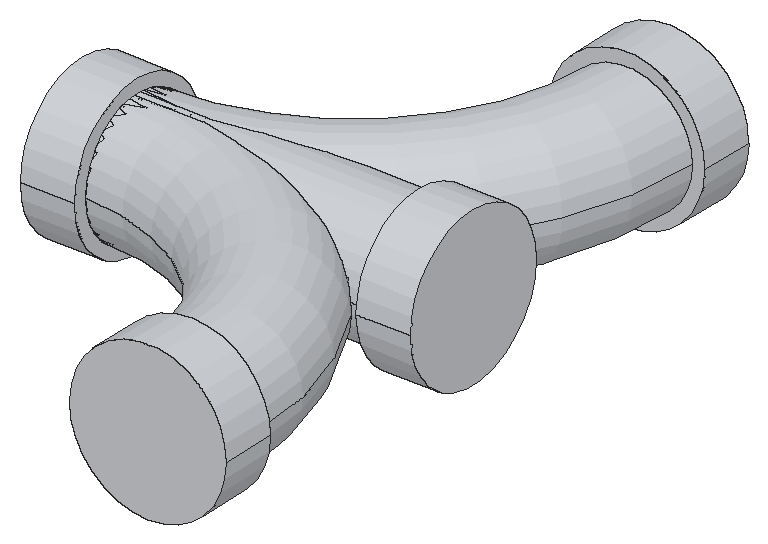
Revit family "b7755585dd9b4102973e1de48be6881f", category Pipe Fittings, Revit 2021
Family settings
  Round Connector Dimension = Use Radius
  Part Type = Cross
  OmniClass Number = 23.60.30.11.14
  OmniClass Title = Pipework Fittings
  Seek Item ID = Tee Long Sweep Double Sanitary - PVC - Sch 40 - DWV-0000-USA-ENU
  Work Plane-Based = No
  Always vertical = Yes
  Cut with Voids When Loaded = No
  Shared = No
Parameters (values of type "Standard")
  Wall Thickness [instance] = size_lookup(Lookup Table Name, "WThk", 0.02 * Nominal Diameter + 33/256", Nominal Diameter)  # 0.156"
  Tick Size [instance] = Fitting Outside Diameter * 0.4  # 0.664"
  Socket Outside Radius [instance] = Socket Outside Diameter / 2  # 0.9935"
  Socket Outside Diameter [instance] = Socket Entrance Diameter + Wall Thickness * 2  # 1.987"
  Socket Entrance Diameter [instance] = size_lookup(Lookup Table Name, "SED", 1.04 * Nominal Diameter + 95/256", Nominal Diameter)  # 1.675"
  Socket Depth [instance] = size_lookup(Lookup Table Name, "SDpt", 0.5 * Nominal Diameter, Nominal Diameter)  # 0.687"
  Socket Bottom to Socket Bottom Run [instance] = size_lookup(Lookup Table Name, "SBtSBR", 2.07 * Nominal Diameter + 23/64", Nominal Diameter)  # 3 1/16"
  Radius 4 [instance] = if(Length 9 = Socket Depth, Socket Outside Diameter / 2, Fitting Outside Radius)  # 0.9935"
  Radius 3 [instance] = if(Length 9 = Socket Depth, Socket Outside Radius, Fitting Outside Radius)  # 0.9935"
  Radius 2 [instance] = if(Length 8 = Socket Depth, Socket Outside Diameter / 2, Fitting Outside Radius)  # 0.9935"
  Radius 1 [instance] = if(Length 8 = Socket Depth, Socket Outside Radius, Fitting Outside Radius)  # 0.9935"
  Min Angle 12 [instance] = if(Angle 1 < Angle 2, Angle 1, Angle 2)  # 90.00°
  Loss Method = Not Defined
  Lookup Table Name = "Tee Long Sweep Double Sanitary - PVC - Sch 40 - DWV"
  Length 9 [instance] = if(Length 7 > Socket Outside Radius, Socket Depth, if((Socket Outside Radius * cos(Angle 2) + Socket Outside Radius - Length 5) / sin(Angle 2) > 1/8", (Socket Outside Radius * cos(Angle 2) + Socket Outside Radius - Length 5) / sin(Angle 2), 1/8"))  # 0.687"
  Length 8 [instance] = if(Length 6 > Socket Outside Radius, Socket Depth, if((Socket Outside Radius * cos(Angle 1) + Socket Outside Radius - Length 4) / sin(Angle 1) > 1/8", (Socket Outside Radius * cos(Angle 1) + Socket Outside Radius - Length 4) / sin(Angle 1), 1/8"))  # 0.687"
  Length 7 [instance] = Length 5 - Socket Outside Radius * cos(Angle 2)  # 3 7/16"
  Length 6 [instance] = Length 4 - Socket Outside Radius * cos(Angle 1)  # 3 7/16"
  Length 5 [instance] = Center Radius 2 * (1 - cos(Angle 2))  # 3 7/16"
  Length 4 [instance] = Center Radius 1 * (1 - cos(Angle 1))  # 3 7/16"
  Length 3 [instance] = if(Socket Bottom to Socket Bottom Run - Center to Socket Bottom Run > 1/8", Socket Bottom to Socket Bottom Run - Center to Socket Bottom Run, 1/8")  # 1/8"
  Length 2 [instance] = 0"  # constant formula
  Length 19 [instance] = if(Length 9 = Socket Depth, Socket Depth, Socket Depth + Length 9)  # 0.687"
  Length 18 [instance] = if(Length 8 = Socket Depth, Socket Depth, Socket Depth + Length 8)  # 0.687"
  Length 17 [instance] = Length 12 + 180"  # 183 7/16"
  Length 16 [instance] = Length 10 + 180"  # 183 7/16"
  Length 15 [instance] = if(Min Angle 12 < 90.00°, if(Center to Socket Bottom Branch Label + Length 3 > Length 14, Length 3, Length 14 - Center to Socket Bottom Branch Label), Length 3)  # 1/8"
  Length 14 [instance] = if(Length 10 > Length 12, Length 10 - cos(Angle 1) * Socket Depth + Socket Outside Radius * sin(Angle 1), Length 12 - cos(Angle 2) * Socket Depth + Socket Outside Radius * sin(Angle 2))  # 4.431"
  Length 13 [instance] = if(Length 7 > Socket Outside Radius, Length 5 + Socket Depth * sin(Angle 2), Length 5 + (Length 9 + Socket Depth) * sin(Angle 2))  # 4.1245"
  Length 12 [instance] = if(Length 7 > Socket Outside Radius, Center Radius 2 * sin(Angle 2) + Socket Depth * cos(Angle 2), Center Radius 2 * sin(Angle 2) + (Length 9 + Socket Depth) * cos(Angle 2))  # 3 7/16"
  Length 11 [instance] = if(Length 6 > Socket Outside Radius, Length 4 + Socket Depth * sin(Angle 1), Length 4 + (Length 8 + Socket Depth) * sin(Angle 1))  # 4.1245"
  Length 10 [instance] = if(Length 6 > Socket Outside Radius, Center Radius 1 * sin(Angle 1) + Socket Depth * cos(Angle 1), Center Radius 1 * sin(Angle 1) + (Length 8 + Socket Depth) * cos(Angle 1))  # 3 7/16"
  Length 1 [instance] = if(Fitting Outside Radius * tan(Angle 1 / 2) > Fitting Outside Radius * tan(Angle 2 / 2), Fitting Outside Radius * tan(Angle 1 / 2), Fitting Outside Radius * tan(Angle 2 / 2))  # 0.83"
  Default Elevation = 0' - 0"
  Center Radius 1 [instance] = Center to Socket Bottom Branch Label / tan(Angle 1 / 2)  # 3 7/16"
  Nominal Radius [instance] = 5/8"
  Nominal Diameter [instance] = Nominal Radius * 2  # 1 1/4"
  Center Radius 2 [instance] = Center to Socket Bottom Branch Label / tan(Angle 2 / 2)  # 3 7/16"
  Center to Socket Bottom Branch Label [instance] = if(Length 1 < Center to Socket Bottom Branch, Center to Socket Bottom Branch, Length 1 + 1/8")  # 3 7/16"
  Fitting Outside Radius [instance] = Fitting Outside Diameter / 2  # 0.83"
  Fitting Outside Diameter [instance] = size_lookup(Lookup Table Name, "FOD", 1.04 * Nominal Diameter + 23/64", Nominal Diameter)  # 1.66"
  Center to Socket Bottom Run [instance] = Center to Socket Bottom Branch  # 3 7/16"
  Center to Socket Bottom Branch [instance] = size_lookup(Lookup Table Name, "CtSBB", 2.51 * Nominal Diameter + 9/64", Nominal Diameter)  # 3 7/16"
  Angle 2 [instance] = 90.00°
  Angle 1 [instance] = 90.00°
Reference planes (in)
  plane 1 "Center (Front/Back)": y = 0
  plane 2: z = 0
  plane 3 "Center (Left/Right)": x = 0
  plane 4: x = -3.4375
  plane 5: y = 3.4375
  plane 6: y = -3.4375
  plane 7: x = -3.4375
  plane 8: x = 0.125
  plane 9: x = -4.1245
  plane 10: x = 0.812
  plane 11: x = -183.4375
  plane 12: y = -4.1245
  plane 13: x = 0
  plane 14: y = 4.1245
  plane 15: x = 0
Forms (in)
  Sweep 1, solid, detail levels fine
    path in 3D
      loop
        arc (-3.4375, 0, 0) -> (-1.00682, 1.00682, 0) -> (0, 3.4375, 0) r 3.4375
    profile origin (-1.00682, 1.00682, 0) x (-0.707107, 0.707107, 0) y (0, 0, 1)
      loop
        circle (0, 0) r 0.83
  Sweep 2, solid, detail levels fine
    path in 3D
      loop
        line (-4.1245, 0, 0) -> (-3.4375, 0, 0)
    profile origin (-3.781, 0, 0) x (0, 1, 0) y (0, 0, 1)
      loop
        circle (0, 0) r 0.9935
  Sweep 3, solid, detail levels fine
    path in 3D
      loop
        line (0.125, 0, 0) -> (0.812, 0, 0)
    profile origin (0.4685, 0, 0) x (0, 1, 0) y (0, 0, 1)
      loop
        circle (0, 0) r 0.9935
  Blend 4, solid, detail levels fine
    base sketch origin (0, 0, 0) x (0, 1, 0) y (0, 0, 1)
      loop
        circle (0, 0) r 0.83
    top sketch origin (0, 0, 0) x (0, 1, 0) y (0, 0, 1)
      loop
        circle (0, 0) r 0.83
    from -3.4375 to 0.125
  Sweep 5, solid, detail levels fine
    path in 3D
      loop
        line (0, 3.4375, 0) -> (0, 4.1245, 0)
    profile origin (0, 3.781, 0) x (-1, 0, 0) y (0, 0, 1)
      loop
        circle (0, 0) r 0.9935
  Sweep 6, solid, detail levels fine
    path origin (0, 0, 0) x (1, 0, 0) y (0, 1, 0)
      loop
        line (0, 4.1245) -> (0, 3.4375)
    profile origin (0, 3.781, 0) x (1, 0, 0) y (0, 0, 1)
      loop
        circle (0, 0) r 0.9935
  Sweep 7, solid, detail levels fine
    path in 3D
      loop
        arc (-3.4375, 0, 0) -> (-1.00682, -1.00682, 0) -> (0, -3.4375, 0) r 3.4375
    profile origin (-1.00682, -1.00682, 0) x (0.707107, 0.707107, 0) y (0, 0, 1)
      loop
        circle (0, 0) r 0.83
  Sweep 8, solid, detail levels fine
    path in 3D
      loop
        line (0, -4.1245, 0) -> (0, -3.4375, 0)
    profile origin (0, -3.781, 0) x (-1, 0, 0) y (0, 0, 1)
      loop
        circle (0, 0) r 0.83
  Sweep 9, solid, detail levels fine
    path origin (0, 0, 0) x (1, 0, 0) y (0, 1, 0)
      loop
        line (0, -4.1245) -> (0, -3.4375)
    profile origin (0, -3.781, 0) x (-1, 0, 0) y (0, 0, 1)
      loop
        circle (0, 0) r 0.9935
Cuts and joins
  joined: Sweep 2, Sweep 3, Blend 4
  joined: Sweep 1, Sweep 5, Sweep 6
  joined: Sweep 7, Sweep 8, Sweep 9
Lines and regions (in)
  model lines, detail levels coarse+medium
    curve 1: arc (-3.4375, 0, 0) -> (-1.00682, 1.00682, 0) -> (0, 3.4375, 0) r 3.4375
    curve 2: line (-3.4375, 0, 0) -> (0.125, 0, 0)
    curve 4: line (0, 3.4375, 0) -> (0, 4.1245, 0)
    curve 5: line (-4.1245, 0, 0) -> (-3.4375, 0, 0)
    curve 7: line (0.125, 0, 0) -> (0.812, 0, 0)
    curve 9: line (-4.1245, 0, 0) -> (-4.1245, 0.664, 0)
    curve 10: line (-4.1245, 0, 0) -> (-4.1245, -0.664, 0)
    curve 11: line (0.812, 0, 0) -> (0.812, 0.664, 0)
    curve 12: line (0.812, 0, 0) -> (0.812, -0.664, 0)
    curve 14: line (0, 4.1245, 0) -> (0.664, 4.1245, 0)
    curve 15: line (0, 4.1245, 0) -> (-0.664, 4.1245, 0)
    curve 18: arc (-3.4375, 0, 0) -> (-1.00682, -1.00682, 0) -> (0, -3.4375, 0) r 3.4375
    curve 19: line (0, -4.1245, 0) -> (0, -3.4375, 0)
    curve 22: line (0, -4.1245, 0) -> (0.664, -4.1245, 0)
    curve 23: line (0, -4.1245, 0) -> (-0.664, -4.1245, 0)
  sketch lines
    curve 3: arc (-3.4375, 0, 0) -> (-1.00682, 1.00682, 0) -> (0, 3.4375, 0) r 3.4375
    curve 6: line (-4.1245, 0, 0) -> (-3.4375, 0, 0)
    curve 8: line (0.125, 0, 0) -> (0.812, 0, 0)
    curve 13: line (0, 3.4375, 0) -> (0, 4.1245, 0)
    curve 20: arc (-3.4375, 0, 0) -> (-1.00682, -1.00682, 0) -> (0, -3.4375, 0) r 3.4375
    curve 21: line (0, -4.1245, 0) -> (0, -3.4375, 0)
  reference lines
    curve 16: line (-4.1245, 0, 0) -> (-3.4375, 0, 0)
    curve 17: line (0, 4.1245, 0) -> (0, 3.4375, 0)
Dimensions and locks (in)
  "Center to Socket Bottom Branch Label": plane 4 to plane 3 "Center (Left/Right)"
  "Center Radius 2": plane 5 to plane 1 "Center (Front/Back)"
  "Center Radius 1": plane 6 to plane 1 "Center (Front/Back)"
  "Length 19": curve 4 to curve 4
  "Socket Depth": plane 10 to plane 8
  "Socket Depth": plane 9 to plane 7
  "Length 2": plane 7 to plane 4
  "Length 15": plane 3 "Center (Left/Right)" to plane 8
  "Tick Size": plane 1 "Center (Front/Back)" to curve 9
  "Tick Size": curve 10 to plane 1 "Center (Front/Back)"
  equal spacing: curve 12, plane 1 "Center (Front/Back)", curve 11
  "Tick Size": curve 12 to plane 1 "Center (Front/Back)"
  "Length 11": plane 12 to plane 1 "Center (Front/Back)"
  "Length 13": plane 14 to plane 1 "Center (Front/Back)"
  "Tick Size": curve 14 to curve 14
  "Tick Size": curve 15 to curve 15
  locked: plane 11 to plane 4 at 180
  "Length 17": plane 11 to plane 15
  "Length 16": plane 11 to plane 13
  "Socket Depth": Sweep 6 sketch curve to Sweep 6 sketch curve
  "Length 18": curve 19 to curve 19
  "Socket Depth": Sweep 9 sketch curve to Sweep 9 sketch curve
  "Tick Size": curve 22 to curve 22
  "Tick Size": curve 23 to curve 23
  "Center Radius 2": radius of curve 1
  "Fitting Outside Radius": radius of Sweep 1 sketch curve
  "Socket Outside Radius": radius of Sweep 2 sketch curve
  "Socket Outside Radius": radius of Sweep 3 sketch curve
  "Fitting Outside Radius": radius of Blend 4 sketch curve  (x2)
  "Radius 3": radius of Sweep 5 sketch curve
  "Socket Outside Radius": radius of Sweep 6 sketch curve
  "Fitting Outside Radius": radius of Sweep 7 sketch curve
  "Fitting Outside Radius": radius of Sweep 8 sketch curve
  "Socket Outside Radius": radius of Sweep 9 sketch curve
  "Angle 2": angle curve 1 to curve 1
  "Angle 2": angle plane 1 "Center (Front/Back)" to curve 4
  "Angle 2": angle plane 15 to curve 14
  "Angle 2": angle plane 15 to curve 15
  "Angle 2": angle plane 14 to curve 17
  "Angle 2": angle plane 14 to Sweep 6 sketch curve
  "Angle 1": angle curve 18 to curve 18
  "Angle 1": angle curve 19 to plane 12
  "Angle 1": angle Sweep 9 sketch curve to plane 12
  locked: curve 22 to curve 19 (angle 90.00°)
  locked: curve 19 to curve 23 (angle 90.00°)
  aligned and locked: level to Sweep 1 sketch curve
  aligned and locked: plane 1 "Center (Front/Back)" to curve 5
  aligned and locked: plane 9 to curve 5
  aligned and locked: plane 1 "Center (Front/Back)" to curve 7
  aligned and locked: plane 8 to curve 7
  aligned and locked: plane 10 to curve 7
  aligned and locked: plane 7 to curve 5
  aligned and locked: level to Blend 4 sketch curve  (x2)
  aligned and locked: plane 1 "Center (Front/Back)" to Blend 4 sketch curve  (x2)
  aligned and locked: Blend 4 to plane 7
  aligned and locked: plane 8 to Blend 4
  aligned and locked: plane 9 to curve 16
  aligned and locked: plane 1 "Center (Front/Back)" to curve 16
  aligned and locked: plane 14 to curve 17
  aligned and locked: plane 15 to curve 17
  aligned and locked: plane 14 to Sweep 6 sketch curve
  aligned and locked: plane 15 to Sweep 6 sketch curve
  aligned and locked: plane 6 to curve 18
  aligned and locked: plane 1 "Center (Front/Back)" to curve 18
  aligned and locked: plane 12 to Sweep 9 sketch curve
  aligned and locked: plane 13 to Sweep 9 sketch curve
  aligned and locked: plane 13 to curve 22
  aligned and locked: plane 12 to curve 23
Automatic sketch dimensions
  curve 1 to plane 4 = 0' - 0"
  curve 16 to plane 4 = 0' - 0"
  Sweep 1 sketch curve to profile plane = 0' - 0"
  Sweep 2 sketch curve to profile plane = 0' - 0"  (x2)
  Sweep 3 sketch curve to profile plane = 0' - 0"  (x2)
  Sweep 5 sketch curve to profile plane = 0' - 0"  (x2)
  Sweep 6 sketch curve to level = 0' - 0"
  profile plane to Sweep 6 sketch curve = 0' - 0"
  Sweep 7 sketch curve to profile plane = 0' - 0"  (x2)
  Sweep 8 sketch curve to profile plane = 0' - 0"  (x2)
  Sweep 9 sketch curve to level = 0' - 0"
  Sweep 9 sketch curve to profile plane = 0' - 0"
Connectors (in)
  piping at (-4.1245, 0, 0), diameter 1.25, driven by "Nominal Radius"
    settings: on Sweep 2, index 1, connector inside diameter 1 1/4", connector length 0' - 0", flow factor 0, pipe flow 0 GPM, pressure drop 0.00 psi, fitting loss kfactor 0, connector angle 0.00°, fixture units 0, engagement length 0' - 0", angle of deflection 0.00°, flow configuration 0, flow direction 0, fitting loss method 0, system type 28, joint type 0, gender type 0, connector reference index 2, connector utility 0, adjustable connector no, is connector primary yes, connector description ""
  piping at (0.812, 0, 0), diameter 1.25, driven by "Nominal Radius"
    settings: on Sweep 3, index 2, connector inside diameter 1 1/4", connector length 0' - 0", flow factor 0, pipe flow 0 GPM, pressure drop 0.00 psi, fitting loss kfactor 0, connector angle 0.00°, fixture units 0, engagement length 0' - 0", angle of deflection 0.00°, flow configuration 0, flow direction 0, fitting loss method 0, system type 28, joint type 0, gender type 0, connector reference index 1, connector utility 0, adjustable connector no, is connector primary no, connector description ""
  piping at (0, 4.1245, 0), diameter 1.25, driven by "Angle 2", driven by "Nominal Radius"
    settings: on cut or joined group of Sweep 1, Sweep 5, Sweep 6, index 4, connector inside diameter 1 1/4", connector length 0' - 0", flow factor 0, pipe flow 0 GPM, pressure drop 0.00 psi, fitting loss kfactor 0, connector angle 90.00°, fixture units 0, engagement length 0' - 0", angle of deflection 0.00°, flow configuration 0, flow direction 0, fitting loss method 0, system type 28, joint type 0, gender type 0, connector reference index -1, connector utility 0, adjustable connector no, is connector primary no, connector description ""
  piping at (0, -4.1245, 0), diameter 1.25, driven by "Nominal Radius", driven by "Angle 1"
    settings: on cut or joined group of Sweep 7, Sweep 8, Sweep 9, index 5, connector inside diameter 1 1/4", connector length 0' - 0", flow factor 0, pipe flow 0 GPM, pressure drop 0.00 psi, fitting loss kfactor 0, connector angle 90.00°, fixture units 0, engagement length 0' - 0", angle of deflection 0.00°, flow configuration 0, flow direction 0, fitting loss method 0, system type 28, joint type 0, gender type 0, connector reference index -1, connector utility 0, adjustable connector no, is connector primary no, connector description ""
